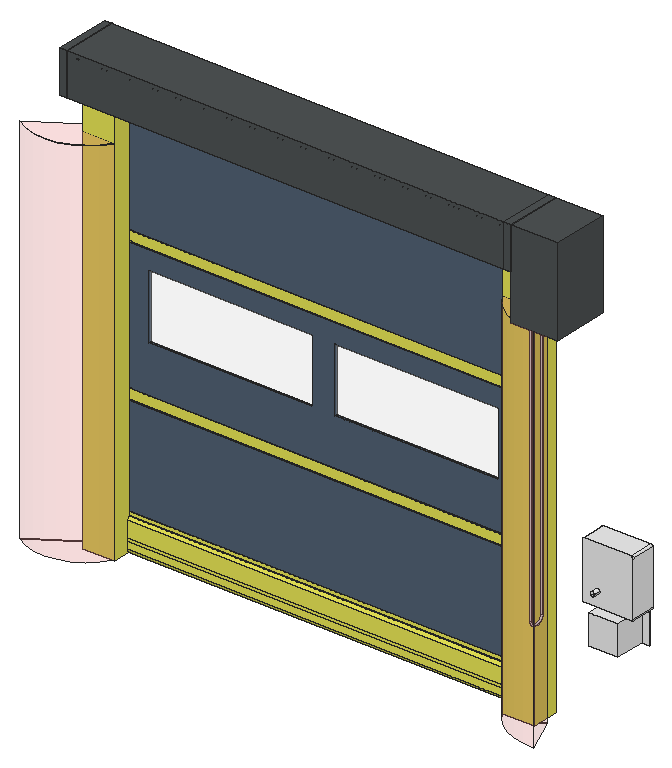
Revit family "Doors_Other_Overhead-Door-Corporation_RapidFlex-High-Speed-HD-Exterior-Fabric-Door-994_new_", category Specialty Equipment, host Wall, Revit 2019 (continued)
Definition of nested family "Lifts"
  Definition of nested family "General Motor"
    Automatic sketch dimensions
      Sweep 10 sketch curve to plane 12 "Offset Width" = 0.56157"
      Extrusion 11 sketch curve to plane 10 = 19 1/2"
      radius of Extrusion 9 sketch curve = 1.34"
      radius of Sweep 10 sketch curve = 0.2675"
      radius of Masking region 2 sketch curve = 2.598"
Definition of nested family "Panel"
  Parameters (values of type "Panel")
    Window Width = (Width - 7" * (Dop Array Count) - 6" * 2) / Array Count  # 50 1/2"
    Window Thickness = 169/256"  # constant formula
    Window Material = none
    Window Height = 20"
    Width = 120"
    Void Offset = 0"
    VP = yes
    Struts Array Visibility = if(Struts Array < 2, 1 = 2, 1 = 1)  # yes
    Struts Array Real = if(Struts Array < 2, 2, Struts Array)  # 2
    Struts Array = rounddown((Height Real - 1 221/256") / 43 3/4")  # 2
    Struts 1 Visibility = if(Struts Array < 2, 1 = 1, 1 = 2)  # no
    Reverse Offset = 0"
    Panel Material = none
    Offset = 0"
    No VP = not(VP)  # no
    Negative Window Thickness = -Window Thickness  # -169/256"
    Many Window = if(No VP, 1 = 2, not([1 Window]))  # yes
    Hood Offset = 14"  # constant formula
    Height Real = Height + Hood Offset  # 129 1/2"
    Height = 115 1/2"
    Headroom Option = 1
    Finish Material = none
    Dop Array Count = Array Count - 1  # 1
    Default Elevation = 48"
    Array Count Real = if(Array Count = 1, 2, Array Count)  # 2
    Array Count = if(or(Width < 95", Width = 95"), 1, if(or(Width = 131", Width < 131"), 2, if(or(Width = 167", Width < 167"), 3, if(or(Width = 203", Width < 203"), 4, if(or(Width = 251", Width < 251"), 5, if(or(Width = 287", Width < 287"), 6, if(Width > 299", 7, 7)))))))  # 2
    1 Window Offset = if(Array Count = 7, Width / 2, 6" + (Window Width / 2))  # 31 1/4"
    1 Window = if(No VP, 1 = 2, if(Array Count = 1, 1 = 1, 1 = 2))  # no
  Reference planes (in)
    plane 1 "Center (Front/Back)": y = 0
    plane 2: z = 0
    plane 3 "Center (Left/Right)": x = 0
    plane 4: z = 129.5
    plane 5: x = -60
    plane 6: x = 60
    plane 7: x = -69.6875
    plane 8: x = 69.6875
    plane 9: x = -54
    plane 10: x = 54
    plane 11: z = 60
    plane 12: z = 80
    plane 13: x = -8
    plane 14: x = -28.75
    plane 15: z = 70
    plane 16: y = 0
    plane 17: z = 45.614
    plane 18: z = 89.364
  Forms (in)
    Extrusion 1, solid, material <- "Panel Material", visible <- "VP"
      sketch origin (0, 0, 0) x (1, 0, 0) y (0, 0, 1)
        loop
          line (-60, 0.5) -> (60, 0.5) -> (60, 129.5) -> (-60, 129.5) -> (-60, 0.5)
      from 0 to 0.66016
    Extrusion 2, solid, material <- "Window Material", visible <- "1 Window"
      sketch origin (0, 0, 0) x (1, 0, 0) y (0, 0, 1)
        loop
          line (-25.25, 80) -> (-25.25, 60) -> (25.25, 60) -> (25.25, 80) -> (-25.25, 80)
      from 0 to 0.16
    Extrusion 3, void
      sketch origin (0, 0, 0) x (1, 0, 0) y (0, 0, 1)
        loop
          line (-54, 80) -> (-54, 60) -> (-3.5, 60) -> (-3.5, 80) -> (-54, 80)
      from 0 to 0.66016
    Extrusion 4, void
      sketch origin (0, 0, 0) x (1, 0, 0) y (0, 0, 1)
        loop
          line (-54, 80) -> (-54, 60) -> (-3.5, 60) -> (-3.5, 80) -> (-54, 80)
      from 0 to 0.66016
    Extrusion 5, void
      sketch origin (0, 0, 0) x (1, 0, 0) y (0, 0, 1)
        loop
          line (54, 80) -> (3.5, 80) -> (3.5, 60) -> (54, 60) -> (54, 80)
      from 0 to 0.66016
    Extrusion 6, solid, material <- "Window Material", visible <- "1 Window"
      sketch origin (0, 0, 0) x (1, 0, 0) y (0, 0, 1)
        loop
          line (3.5, 80) -> (3.5, 60) -> (54, 60) -> (54, 80) -> (3.5, 80)
      from 0 to 0.66016 <- "Window Thickness"
    Extrusion 7, solid, material <- "Window Material", visible <- "Many Window"
      sketch origin (43.52023, 0, 2) x (1, 0, 0) y (0, 0, 1)
        loop
          line (-97.52023, 78) -> (-97.52023, 58) -> (-47.02023, 58) -> (-47.02023, 78) -> (-97.52023, 78)
      from 0 to 0.16
    Extrusion 8, solid, material <- "Window Material", visible <- "Many Window"
      sketch origin (101.02023, 0, 2) x (1, 0, 0) y (0, 0, 1)
        loop
          line (-97.52023, 78) -> (-97.52023, 58) -> (-47.02023, 58) -> (-47.02023, 78) -> (-97.52023, 78)
      from 0 to 0.16
    Extrusion 9, void
      sketch origin (0, 0, 0) x (1, 0, 0) y (0, 0, 1)
        loop
          line (3.5, 80) -> (3.5, 60) -> (54, 60) -> (54, 80) -> (3.5, 80)
      from 0 to 0.66016 <- "Window Thickness"
    Extrusion 10, void
      sketch origin (0, 0, 0) x (1, 0, 0) y (0, 0, 1)
        loop
          line (61, 80) -> (61, 60) -> (111.5, 60) -> (111.5, 80) -> (61, 80)
      from 0 to 0.66016 <- "Window Thickness"
    Extrusion 11, void
      sketch origin (0, 0, 0) x (1, 0, 0) y (0, 0, 1)
        loop
          line (-54, 80) -> (-54, 60) -> (-3.5, 60) -> (-3.5, 80) -> (-54, 80)
      from 0 to 0.66016 <- "Window Thickness"
    Extrusion 12, void
      sketch origin (0, 0, 0) x (1, 0, 0) y (0, 0, 1)
        loop
          line (-111.5, 80) -> (-111.5, 60) -> (-61, 60) -> (-61, 80) -> (-111.5, 80)
      from 0 to 0.66016 <- "Window Thickness"
    Extrusion 13, solid, material <- "Panel Material", visible <- "No VP"
      sketch origin (0, 0, 0) x (1, 0, 0) y (0, 0, 1)
        loop
          line (-60, 129.5) -> (-60, 0.5) -> (60, 0.5) -> (60, 129.5) -> (-60, 129.5)
      from 0 to 0.66016
    Extrusion 14, solid, material <- "Finish Material", visible <- "Struts Array Visibility"
      sketch origin (60, -180, -14.67051) x (0, 0, -1) y (0, -1, 0)
        loop
          arc (-60.00619, -179.29397) -> (-60.15847, -179.32628) -> (-60.28451, -179.41765) r 0.375
          line (-60.28451, -179.41765) -> (-60.28451, -179.92029)
          arc (-60.28451, -179.92029) -> (-60.15847, -180.01166) -> (-60.00619, -180.04397) r 0.375
          line (-60.00619, -180.04397) -> (-56.93151, -180.04397)
          arc (-56.93151, -180.04397) -> (-56.55651, -179.66897) -> (-56.93151, -179.29397) r 0.375
          line (-56.93151, -179.29397) -> (-60.00619, -179.29397)
      from 0 to 120 <- "Width"
    Extrusion 15, solid, material <- "Finish Material", visible <- "Struts 1 Visibility"
      sketch origin (0, -0.25103, -1.86388) x (0, 1, 0) y (0, 0, 1)
        loop
          line (-0.455, 47.19956) -> (-0.455, 44.125)
          arc (-0.455, 44.125) -> (-0.08, 43.75) -> (0.295, 44.125) r 0.375
          line (0.295, 44.125) -> (0.295, 47.19956)
          arc (0.295, 47.19956) -> (0.26269, 47.35184) -> (0.17132, 47.47788) r 0.375
          line (0.17132, 47.47788) -> (-0.33132, 47.47788)
          arc (-0.33132, 47.47788) -> (-0.42269, 47.35184) -> (-0.455, 47.19956) r 0.375
      from -60 to 60
    Extrusion 16, solid, material <- "Finish Material", visible <- "Struts Array Visibility"
      sketch origin (60, -180, 29.07949) x (0, 0, -1) y (0, -1, 0)
        loop
          arc (-60.00619, -179.29397) -> (-60.15847, -179.32628) -> (-60.28451, -179.41765) r 0.375
          line (-60.28451, -179.41765) -> (-60.28451, -179.92029)
          arc (-60.28451, -179.92029) -> (-60.15847, -180.01166) -> (-60.00619, -180.04397) r 0.375
          line (-60.00619, -180.04397) -> (-56.93151, -180.04397)
          arc (-56.93151, -180.04397) -> (-56.55651, -179.66897) -> (-56.93151, -179.29397) r 0.375
          line (-56.93151, -179.29397) -> (-60.00619, -179.29397)
      from 0 to 120 <- "Width"
  Cuts and joins
    Extrusion 3, Extrusion 4, Extrusion 5, Extrusion 9, Extrusion 10, Extrusion 11, Extrusion 12 cuts Extrusion 1
  Dimensions and locks (in)
    equal spacing: plane 5, plane 3 "Center (Left/Right)", plane 6
    "Width": plane 5 to plane 6
    "Height Real": plane 4 to level
    locked: plane 7 to plane 5 at 9.6875
    locked: plane 6 to plane 8 at 9.6875
    "Window Height": plane 12 to plane 11
    locked: Extrusion 1 sketch curve to level at 0.5
    locked: plane 7 to plane 9 at 15.6875
    "1 Window Offset": plane 5 to plane 14
    equal spacing: Extrusion 3 sketch curve, plane 14, Extrusion 3 sketch curve
    "Window Width": Extrusion 3 sketch curve to Extrusion 3 sketch curve
    "Window Width": plane 9 to Extrusion 4 sketch curve
    "Window Width": plane 10 to Extrusion 5 sketch curve
    equal spacing: Extrusion 2 sketch curve, plane 3 "Center (Left/Right)", Extrusion 2 sketch curve
    "Window Width": Extrusion 2 sketch curve to Extrusion 2 sketch curve
    equal spacing: Extrusion 6 sketch curve, plane 3 "Center (Left/Right)", cut or joined group 1 (Extrusion 1, Extrusion 3, Extrusion 4, Extrusion 5, Extrusion 9, Extrusion 10, Extrusion 11, Extrusion 12)
    "Window Width": Extrusion 6 sketch curve to Extrusion 6 sketch curve
    "Window Width": Extrusion 7 sketch curve to Extrusion 7 sketch curve
    "Window Width": Extrusion 8 sketch curve to Extrusion 8 sketch curve
    group 1 to group 2 = 57 1/2"
    group 1 to group 2 = 0"  (x2)
    locked: plane 8 to plane 10 at 15.6875
    locked: Extrusion 9 sketch curve to Extrusion 7 at 7
    "Window Width": Extrusion 9 sketch curve to Extrusion 9 sketch curve
    locked: Extrusion 10 sketch curve to cut or joined group 1 at 7
    "Window Width": Extrusion 10 sketch curve to Extrusion 10 sketch curve
    locked: Extrusion 11 sketch curve to Extrusion 8 at 7
    "Window Width": Extrusion 11 sketch curve to Extrusion 11 sketch curve
    locked: Extrusion 12 sketch curve to cut or joined group 1 at 7
    "Window Width": Extrusion 12 sketch curve to Extrusion 12 sketch curve
    locked: plane 15 to level at 70
    equal spacing: plane 12, plane 15, plane 11
    locked: plane 17 to level at 45.614
    locked: plane 18 to plane 17 at 43.75
    group 4 to group 3 = 0"
    group 3 to group 4 = 0"
    group 3 to group 4 = 43 3/4"
    aligned and locked: plane 2 to level
    aligned and locked: Extrusion 1 sketch curve to plane 5
    aligned and locked: Extrusion 1 sketch curve to plane 6
    aligned and locked: Extrusion 1 sketch curve to plane 4
    aligned and locked: Extrusion 2 sketch curve to plane 12
    aligned and locked: Extrusion 2 sketch curve to plane 11
    aligned and locked: Extrusion 4 sketch curve to plane 12
    aligned and locked: Extrusion 4 sketch curve to plane 11
    aligned and locked: Extrusion 4 sketch curve to plane 9
    aligned and locked: Extrusion 5 sketch curve to plane 10
    aligned and locked: Extrusion 5 sketch curve to plane 12
    aligned and locked: Extrusion 5 sketch curve to plane 11
    aligned and locked: Extrusion 3 sketch curve to plane 12
    aligned and locked: plane 11 to Extrusion 3 sketch curve
    aligned and locked: Extrusion 6 sketch curve to plane 12
    aligned and locked: plane 11 to Extrusion 6 sketch curve
    aligned and locked: plane 9 to Extrusion 7
    aligned and locked: plane 10 to Extrusion 8
    aligned and locked: Extrusion 8 to plane 11
    aligned and locked: Extrusion 7 to plane 11
    aligned and locked: Extrusion 9 sketch curve to plane 12
    aligned and locked: plane 11 to Extrusion 9 sketch curve
    aligned and locked: Extrusion 10 sketch curve to plane 12
    aligned and locked: plane 11 to Extrusion 10 sketch curve
    aligned and locked: Extrusion 11 sketch curve to plane 12
    aligned and locked: plane 11 to Extrusion 11 sketch curve
    aligned and locked: Extrusion 12 sketch curve to plane 12
    aligned and locked: plane 11 to Extrusion 12 sketch curve
    aligned and locked: Extrusion 13 sketch curve to cut or joined group 1  (x4)
    aligned and locked: Extrusion 15 to plane 6
    aligned and locked: plane 5 to Extrusion 15
    aligned and locked: plane 17 to Extrusion 15
    aligned and locked: plane 18 to Extrusion 16
    aligned and locked: plane 17 to Extrusion 14
    aligned and locked: Extrusion 14 to plane 6
    aligned and locked: Extrusion 16 to plane 6
  Automatic sketch dimensions
    Extrusion 7 sketch curve to Extrusion 7 sketch curve = 20"
    Extrusion 8 sketch curve to Extrusion 8 sketch curve = 20"
    Extrusion 15 sketch curve to Extrusion 15 sketch curve = 0"  (x2)
    Extrusion 15 sketch curve to Extrusion 15 sketch curve = 0.12368"
    plane 1 "Center (Front/Back)" to Extrusion 15 sketch curve = 0.33103"  (x2)
    plane 1 "Center (Front/Back)" to Extrusion 15 sketch curve = 0.07971"
    Extrusion 15 sketch curve to plane 17 = 3.35288"
    Extrusion 15 sketch curve to Extrusion 15 sketch curve = 3.07456"
    Extrusion 14 sketch curve to Extrusion 14 sketch curve = 0"  (x2)
    Extrusion 14 sketch curve to Extrusion 14 sketch curve = 0.27832"
    Extrusion 14 sketch curve to Extrusion 14 sketch curve = 3.07468"
    Extrusion 14 sketch curve to Extrusion 14 sketch curve = 0.12368"
    Extrusion 14 sketch curve to Extrusion 14 sketch curve = 3/8"
    Extrusion 16 sketch curve to Extrusion 16 sketch curve = 0"  (x2)
    Extrusion 16 sketch curve to Extrusion 16 sketch curve = 0.27832"
    Extrusion 16 sketch curve to Extrusion 16 sketch curve = 3.07468"
    Extrusion 16 sketch curve to Extrusion 16 sketch curve = 0.12368"
    Extrusion 16 sketch curve to Extrusion 16 sketch curve = 3/8"
Types (4): name | Hood Option | External Transformer | Voltage | Apparent Load Phase 3 | Apparent Load Phase 2 | Apparent Load Phase 1
  208 volts, three phase, 60 Hz (190-207 V range) | 1 | yes | 208 V | 2401.78 VA | 2401.78 VA | 2401.78 VA
  230 volts, three phase, 60 Hz (208-245 V range) | 0 | no | 230 V | 2655.81 VA | 2655.81 VA | 2655.81 VA
  460 volts, three phase, 60 Hz (456-495 V range) | 0 | no | 460 V | 5311.62 VA | 5311.62 VA | 5311.62 VA
  575 volts, three phase, 60 Hz | 0 | yes | 575 V | 6639.53 VA | 6639.53 VA | 6639.53 VA
